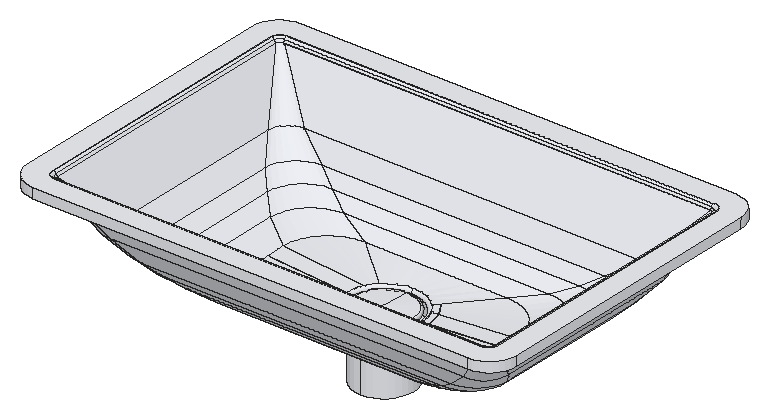
Revit family "URBANE II UNDER COUNTER BASIN NTH NOF", category Specialty Equipment, host Face, Revit 2019
Family settings
  Host = Face
  Round Connector Dimension = Use Radius
  Part Type = Normal
  OmniClass Number = 23.45.05.14.14
  OmniClass Title = Sinks/Lavatories
  Cut with Voids When Loaded = Yes
  Shared = No
  Room Calculation Point = No
Parameters (values of type "URBANE II UNDER COUNTER BASIN NTH NOF")
  URL = "https://www.caroma.com.au/"
  Model = "878500W"
  Material_Base = GWA-Porcelain-White
  Manufacturer = "GWA Bathrooms & Kitchens"  # constant formula
  Description = "URBANE II UNDER COUNTER BASIN NTH NOF"
  Default Elevation = 900 mm
  CreatedBy_ANZRS = "GWA Bathrooms & Kitchens"  # constant formula
  BenchThickness = 20 mm
  Assembly Code = "D2010400"
Reference planes
  plane 1 "Center (Front/Back)": y = 0
  plane 2: z = 0
  plane 3 "Center (Left/Right)": x = 0
  plane 4 "BenchThickness": z = -20
  plane 5 "topfillet": z = -24.185
Forms (mm)
  Sweep 1, solid, material "GWA-Porcelain-White" <- "Material_Base"
    path origin (0, 0, -20) x (-1, 0, 0) y (0, -1, 0)
      loop
        arc (-235.924, 164.865) -> (-245.823, 160.765) -> (-249.924, 150.865) r 14
        line (-249.924, 150.865) -> (-249.924, -150.867)
        arc (-249.924, -150.867) -> (-245.823, -160.766) -> (-235.924, -164.867) r 14
        line (-235.924, -164.867) -> (235.926, -164.867)
        arc (235.926, -164.867) -> (245.825, -160.766) -> (249.926, -150.867) r 14
        line (249.926, -150.867) -> (249.926, 150.865)
        arc (249.926, 150.865) -> (245.825, 160.765) -> (235.926, 164.865) r 14
        line (235.926, 164.865) -> (-235.924, 164.865)
    profile origin (-0.001, -164.865, -20) x (0, -1, 0) y (0, 0, 1)
      loop
        line (-3.989, -4.185) -> (-3.989, 0)
        arc (-3.989, 0) -> (-5.997, -0.532) -> (-7.476, -1.99) r 4.05
        line (-7.476, -1.99) -> (-8.773, -4.185) -> (-3.989, -4.185)
  Revolve 2, solid, material "GWA-Porcelain-White" <- "Material_Base"
    sketch origin (0, 0, -86.586) x (0, 1, 0) y (0, 0, 1)
      loop
        line (37.793, -52.029) -> (37, -65.514) -> (22, -80.514) -> (22, -120.514) -> (32.5, -120.514) -> (32.5, -84.863) -> (47.247, -70.116) -> (48.533, -48.264) -> (41.786, -48.264)
        arc (41.786, -48.264) -> (39.042, -49.354) -> (37.793, -52.029) r 4
      axis (0, -48.264) -> (0, -120.514)
    angle from 0 to 360
  Revolve 3, solid, material "GWA-Porcelain-White" <- "Material_Base"
    sketch origin (0, 0, -86.586) x (0, 1, 0) y (0, 0, 1)
      loop
        arc (31.747, -48.198) -> (15.896, -46.935) -> (0, -46.514) r 300
        line (0, -46.514) -> (0, -53.014) -> (20, -53.014) -> (21, -56.514) -> (28, -56.514) -> (28.079, -55.014) -> (32.581, -52.724)
        arc (32.581, -52.724) -> (33.854, -50.15) -> (31.747, -48.198) r 2.4
      axis (0, -46.514) -> (0, -56.514)
    angle from 0 to 360
  Blend 4, solid, material "GWA-Porcelain-White" <- "Material_Base"
    base sketch origin (0, 0, -20) x (-1, 0, 0) y (0, -1, 0)
      loop
        line (-171.042, -121.986) -> (171.042, -121.986)
        arc (171.042, -121.986) -> (195.791, -111.735) -> (206.042, -86.986) r 35
        line (206.042, -86.986) -> (206.042, 0) -> (191.733, 0) -> (191.733, -74.221)
        arc (191.733, -74.221) -> (181.481, -98.97) -> (156.733, -109.221) r 35
        line (156.733, -109.221) -> (-156.733, -109.221)
        arc (-156.733, -109.221) -> (-181.481, -98.97) -> (-191.733, -74.221) r 35
        line (-191.733, -74.221) -> (-191.733, 0) -> (-206.042, 0) -> (-206.042, -86.986)
        arc (-206.042, -86.986) -> (-195.791, -111.735) -> (-171.042, -121.986) r 35
    top sketch origin (0, 0, -20) x (-1, 0, 0) y (0, -1, 0)
      loop
        line (-194.713, -133.789) -> (194.713, -133.789)
        arc (194.713, -133.789) -> (214.158, -125.734) -> (222.213, -106.289) r 27.5
        line (222.213, -106.289) -> (222.213, 0) -> (209.227, 0) -> (209.227, -99.92)
        arc (209.227, -99.92) -> (202.637, -115.83) -> (186.727, -122.42) r 22.5
        line (186.727, -122.42) -> (-186.727, -122.42)
        arc (-186.727, -122.42) -> (-202.637, -115.83) -> (-209.227, -99.92) r 22.5
        line (-209.227, -99.92) -> (-209.227, 0) -> (-222.213, 0) -> (-222.213, -106.289)
        arc (-222.213, -106.289) -> (-214.158, -125.734) -> (-194.713, -133.789) r 27.5
    from -77.1 to -57.1
  Blend 5, solid, material "GWA-Porcelain-White" <- "Material_Base"
    base sketch origin (0, 0, -20) x (-1, 0, 0) y (0, -1, 0)
      loop
        line (-153.737, -113.107) -> (153.737, -113.107)
        arc (153.737, -113.107) -> (182.021, -101.391) -> (193.737, -73.107) r 40
        line (193.737, -73.107) -> (193.737, 0) -> (176.923, 0) -> (176.923, -58.758)
        arc (176.923, -58.758) -> (165.208, -87.042) -> (136.923, -98.758) r 40
        line (136.923, -98.758) -> (-136.923, -98.758)
        arc (-136.923, -98.758) -> (-165.208, -87.042) -> (-176.923, -58.758) r 40
        line (-176.923, -58.758) -> (-176.923, 0) -> (-193.737, 0) -> (-193.737, -73.107)
        arc (-193.737, -73.107) -> (-182.021, -101.391) -> (-153.737, -113.107) r 40
    top sketch origin (0, 0, -20) x (-1, 0, 0) y (0, -1, 0)
      loop
        line (-171.042, -121.986) -> (171.042, -121.986)
        arc (171.042, -121.986) -> (195.791, -111.735) -> (206.042, -86.986) r 35
        line (206.042, -86.986) -> (206.042, 0) -> (191.733, 0) -> (191.733, -74.221)
        arc (191.733, -74.221) -> (181.481, -98.97) -> (156.733, -109.221) r 35
        line (156.733, -109.221) -> (-156.733, -109.221)
        arc (-156.733, -109.221) -> (-181.481, -98.97) -> (-191.733, -74.221) r 35
        line (-191.733, -74.221) -> (-191.733, 0) -> (-206.042, 0) -> (-206.042, -86.986)
        arc (-206.042, -86.986) -> (-195.791, -111.735) -> (-171.042, -121.986) r 35
    from -89.1 to -77.1
  Blend 6, solid, material "GWA-Porcelain-White" <- "Material_Base"
    base sketch origin (0, 0, -20) x (-1, 0, 0) y (0, -1, 0)
      loop
        line (-135.569, -102.784) -> (135.569, -102.784)
        arc (135.569, -102.784) -> (167.389, -89.603) -> (180.569, -57.784) r 45
        line (180.569, -57.784) -> (180.569, 0) -> (158.132, 0) -> (158.132, -40.154)
        arc (158.132, -40.154) -> (144.952, -71.974) -> (113.132, -85.154) r 45
        line (113.132, -85.154) -> (-113.132, -85.154)
        arc (-113.132, -85.154) -> (-144.952, -71.974) -> (-158.132, -40.154) r 45
        line (-158.132, -40.154) -> (-158.132, 0) -> (-180.569, 0) -> (-180.569, -57.784)
        arc (-180.569, -57.784) -> (-167.389, -89.603) -> (-135.569, -102.784) r 45
    top sketch origin (0, 0, -20) x (-1, 0, 0) y (0, -1, 0)
      loop
        line (-153.737, -113.107) -> (153.737, -113.107)
        arc (153.737, -113.107) -> (182.021, -101.391) -> (193.737, -73.107) r 40
        line (193.737, -73.107) -> (193.737, 0) -> (176.923, 0) -> (176.923, -58.758)
        arc (176.923, -58.758) -> (165.208, -87.042) -> (136.923, -98.758) r 40
        line (136.923, -98.758) -> (-136.923, -98.758)
        arc (-136.923, -98.758) -> (-165.208, -87.042) -> (-176.923, -58.758) r 40
        line (-176.923, -58.758) -> (-176.923, 0) -> (-193.737, 0) -> (-193.737, -73.107)
        arc (-193.737, -73.107) -> (-182.021, -101.391) -> (-153.737, -113.107) r 40
    from -99.1 to -89.1
  Blend 7, solid, material "GWA-Porcelain-White" <- "Material_Base"
    base sketch origin (0, 0, -20) x (-1, 0, 0) y (0, -1, 0)
      loop
        line (-110.867, -91.893) -> (110.867, -91.893)
        arc (110.867, -91.893) -> (146.222, -77.249) -> (160.867, -41.893) r 50
        line (160.867, -41.893) -> (160.867, 0) -> (128.838, 0) -> (128.838, -21.183)
        arc (128.838, -21.183) -> (114.193, -56.539) -> (78.838, -71.183) r 50
        line (78.838, -71.183) -> (-78.838, -71.183)
        arc (-78.838, -71.183) -> (-114.193, -56.539) -> (-128.838, -21.183) r 50
        line (-128.838, -21.183) -> (-128.838, 0) -> (-160.867, 0) -> (-160.867, -41.893)
        arc (-160.867, -41.893) -> (-146.222, -77.249) -> (-110.867, -91.893) r 50
    top sketch origin (0, 0, -20) x (-1, 0, 0) y (0, -1, 0)
      loop
        line (-135.569, -102.784) -> (135.569, -102.784)
        arc (135.569, -102.784) -> (167.389, -89.603) -> (180.569, -57.784) r 45
        line (180.569, -57.784) -> (180.569, 0) -> (158.132, 0) -> (158.132, -40.154)
        arc (158.132, -40.154) -> (144.952, -71.974) -> (113.132, -85.154) r 45
        line (113.132, -85.154) -> (-113.132, -85.154)
        arc (-113.132, -85.154) -> (-144.952, -71.974) -> (-158.132, -40.154) r 45
        line (-158.132, -40.154) -> (-158.132, 0) -> (-180.569, 0) -> (-180.569, -57.784)
        arc (-180.569, -57.784) -> (-167.389, -89.603) -> (-135.569, -102.784) r 45
    from -109.1 to -99.1
  Blend 8, solid, material "GWA-Porcelain-White" <- "Material_Base"
    base sketch origin (0, 0, -20) x (-1, 0, 0) y (0, -1, 0)
      loop
        arc (209.227, -99.92) -> (202.637, -115.83) -> (186.727, -122.42) r 22.5
        line (186.727, -122.42) -> (-186.727, -122.42)
        arc (-186.727, -122.42) -> (-202.637, -115.83) -> (-209.227, -99.92) r 22.5
        line (-209.227, -99.92) -> (-209.227, 0) -> (-222.213, 0) -> (-222.213, -106.289)
        arc (-222.213, -106.289) -> (-214.158, -125.734) -> (-194.713, -133.789) r 27.5
        line (-194.713, -133.789) -> (194.713, -133.789)
        arc (194.713, -133.789) -> (214.158, -125.734) -> (222.213, -106.289) r 27.5
        line (222.213, -106.289) -> (222.213, 0) -> (209.227, 0) -> (209.227, -99.92)
    top sketch origin (0, 0, -20) x (-1, 0, 0) y (0, -1, 0)
      loop
        line (244.982, -150.867) -> (244.982, 0) -> (241.153, 0) -> (241.153, -150.867)
        arc (241.153, -150.867) -> (239.622, -154.563) -> (235.926, -156.094) r 5.227
        line (235.926, -156.094) -> (-235.924, -156.094)
        arc (-235.924, -156.094) -> (-239.62, -154.563) -> (-241.151, -150.867) r 5.227
        line (-241.151, -150.867) -> (-241.151, 0) -> (-244.98, 0) -> (-244.98, -150.867)
        arc (-244.98, -150.867) -> (-242.327, -157.27) -> (-235.924, -159.922) r 9.056
        line (-235.924, -159.922) -> (235.926, -159.922)
        arc (235.926, -159.922) -> (242.329, -157.27) -> (244.982, -150.867) r 9.056
    from -57.1 to -4.218
  Blend 9, solid, material "GWA-Porcelain-White" <- "Material_Base"
    base sketch origin (0, 0, -20) x (-1, 0, 0) y (0, -1, 0)
      loop
        line (-41.5, 0) -> (-48.5, 0)
        arc (-48.5, 0) -> (-47.267, -10.868) -> (-43.629, -21.183) r 48.5
        arc (-43.629, -21.183) -> (-39.51, -28.129) -> (-34.295, -34.295) r 48.5
        arc (-34.295, -34.295) -> (0, -48.5) -> (34.295, -34.295) r 48.5
        arc (34.295, -34.295) -> (39.51, -28.129) -> (43.629, -21.183) r 48.5
        arc (43.629, -21.183) -> (47.267, -10.868) -> (48.5, 0) r 48.5
        line (48.5, 0) -> (41.5, 0)
        arc (41.5, 0) -> (40.445, -9.299) -> (37.332, -18.126) r 41.5
        arc (37.332, -18.126) -> (33.807, -24.069) -> (29.345, -29.345) r 41.5
        arc (29.345, -29.345) -> (0, -41.5) -> (-29.345, -29.345) r 41.5
        arc (-29.345, -29.345) -> (-33.807, -24.069) -> (-37.332, -18.126) r 41.5
        arc (-37.332, -18.126) -> (-40.445, -9.299) -> (-41.5, 0) r 41.5
    top sketch origin (0, 0, -20) x (-1, 0, 0) y (0, -1, 0)
      loop
        line (-128.838, -21.183) -> (-128.838, 0) -> (-160.867, 0) -> (-160.867, -41.893)
        arc (-160.867, -41.893) -> (-146.222, -77.249) -> (-110.867, -91.893) r 50
        line (-110.867, -91.893) -> (110.867, -91.893)
        arc (110.867, -91.893) -> (146.222, -77.249) -> (160.867, -41.893) r 50
        line (160.867, -41.893) -> (160.867, 0) -> (128.838, 0) -> (128.838, -21.183)
        arc (128.838, -21.183) -> (114.193, -56.539) -> (78.838, -71.183) r 50
        line (78.838, -71.183) -> (-78.838, -71.183)
        arc (-78.838, -71.183) -> (-114.193, -56.539) -> (-128.838, -21.183) r 50
    from -114.85 to -109.1
  Blend 10, solid, material "GWA-Porcelain-White" <- "Material_Base"
    base sketch origin (0, 0, -20) x (-1, 0, 0) y (0, -1, 0)
      loop
        arc (-153.737, 113.107) -> (-182.021, 101.391) -> (-193.737, 73.107) r 40
        line (-193.737, 73.107) -> (-193.737, 0) -> (-176.923, 0) -> (-176.923, 58.758)
        arc (-176.923, 58.758) -> (-165.208, 87.042) -> (-136.923, 98.758) r 40
        line (-136.923, 98.758) -> (136.923, 98.758)
        arc (136.923, 98.758) -> (165.208, 87.042) -> (176.923, 58.758) r 40
        line (176.923, 58.758) -> (176.923, 0) -> (193.737, 0) -> (193.737, 73.107)
        arc (193.737, 73.107) -> (182.021, 101.391) -> (153.737, 113.107) r 40
        line (153.737, 113.107) -> (-153.737, 113.107)
    top sketch origin (0, 0, -20) x (-1, 0, 0) y (0, -1, 0)
      loop
        arc (-171.042, 121.986) -> (-195.791, 111.735) -> (-206.042, 86.986) r 35
        line (-206.042, 86.986) -> (-206.042, 0) -> (-191.733, 0) -> (-191.733, 74.221)
        arc (-191.733, 74.221) -> (-181.481, 98.97) -> (-156.733, 109.221) r 35
        line (-156.733, 109.221) -> (156.733, 109.221)
        arc (156.733, 109.221) -> (181.481, 98.97) -> (191.733, 74.221) r 35
        line (191.733, 74.221) -> (191.733, 0) -> (206.042, 0) -> (206.042, 86.986)
        arc (206.042, 86.986) -> (195.791, 111.735) -> (171.042, 121.986) r 35
        line (171.042, 121.986) -> (-171.042, 121.986)
    from -89.1 to -77.1
  Blend 11, solid, material "GWA-Porcelain-White" <- "Material_Base"
    base sketch origin (0, 0, -20) x (-1, 0, 0) y (0, -1, 0)
      loop
        arc (-110.867, 91.893) -> (-146.222, 77.249) -> (-160.867, 41.893) r 50
        line (-160.867, 41.893) -> (-160.867, 0) -> (-128.838, 0) -> (-128.838, 21.183)
        arc (-128.838, 21.183) -> (-114.193, 56.539) -> (-78.838, 71.183) r 50
        line (-78.838, 71.183) -> (78.838, 71.183)
        arc (78.838, 71.183) -> (114.193, 56.539) -> (128.838, 21.183) r 50
        line (128.838, 21.183) -> (128.838, 0) -> (160.867, 0) -> (160.867, 41.893)
        arc (160.867, 41.893) -> (146.222, 77.249) -> (110.867, 91.893) r 50
        line (110.867, 91.893) -> (-110.867, 91.893)
    top sketch origin (0, 0, -20) x (-1, 0, 0) y (0, -1, 0)
      loop
        arc (-135.569, 102.784) -> (-167.389, 89.603) -> (-180.569, 57.784) r 45
        line (-180.569, 57.784) -> (-180.569, 0) -> (-158.132, 0) -> (-158.132, 40.154)
        arc (-158.132, 40.154) -> (-144.952, 71.974) -> (-113.132, 85.154) r 45
        line (-113.132, 85.154) -> (113.132, 85.154)
        arc (113.132, 85.154) -> (144.952, 71.974) -> (158.132, 40.154) r 45
        line (158.132, 40.154) -> (158.132, 0) -> (180.569, 0) -> (180.569, 57.784)
        arc (180.569, 57.784) -> (167.389, 89.603) -> (135.569, 102.784) r 45
        line (135.569, 102.784) -> (-135.569, 102.784)
    from -109.1 to -99.1
  Blend 12, solid, material "GWA-Porcelain-White" <- "Material_Base"
    base sketch origin (0, 0, -20) x (-1, 0, 0) y (0, -1, 0)
      loop
        line (209.227, 99.92) -> (209.227, 0) -> (222.213, 0) -> (222.213, 106.289)
        arc (222.213, 106.289) -> (214.158, 125.734) -> (194.713, 133.789) r 27.5
        line (194.713, 133.789) -> (-194.713, 133.789)
        arc (-194.713, 133.789) -> (-214.158, 125.734) -> (-222.213, 106.289) r 27.5
        line (-222.213, 106.289) -> (-222.213, 0) -> (-209.227, 0) -> (-209.227, 99.92)
        arc (-209.227, 99.92) -> (-202.637, 115.83) -> (-186.727, 122.42) r 22.5
        line (-186.727, 122.42) -> (186.727, 122.42)
        arc (186.727, 122.42) -> (202.637, 115.83) -> (209.227, 99.92) r 22.5
    top sketch origin (0, 0, -20) x (-1, 0, 0) y (0, -1, 0)
      loop
        arc (244.982, 150.867) -> (242.329, 157.27) -> (235.926, 159.922) r 9.056
        line (235.926, 159.922) -> (-235.924, 159.922)
        arc (-235.924, 159.922) -> (-242.327, 157.27) -> (-244.98, 150.867) r 9.056
        line (-244.98, 150.867) -> (-244.98, 0) -> (-241.151, 0) -> (-241.151, 150.867)
        arc (-241.151, 150.867) -> (-239.62, 154.563) -> (-235.924, 156.094) r 5.227
        line (-235.924, 156.094) -> (235.926, 156.094)
        arc (235.926, 156.094) -> (239.622, 154.563) -> (241.153, 150.867) r 5.227
        line (241.153, 150.867) -> (241.153, 0) -> (244.982, 0) -> (244.982, 150.867)
    from -57.1 to -4.2
  Blend 13, solid, material "GWA-Porcelain-White" <- "Material_Base"
    base sketch origin (0, 0, -20) x (-1, 0, 0) y (0, -1, 0)
      loop
        arc (-171.042, 121.986) -> (-195.791, 111.735) -> (-206.042, 86.986) r 35
        line (-206.042, 86.986) -> (-206.042, 0) -> (-191.733, 0) -> (-191.733, 74.221)
        arc (-191.733, 74.221) -> (-181.481, 98.97) -> (-156.733, 109.221) r 35
        line (-156.733, 109.221) -> (156.733, 109.221)
        arc (156.733, 109.221) -> (181.481, 98.97) -> (191.733, 74.221) r 35
        line (191.733, 74.221) -> (191.733, 0) -> (206.042, 0) -> (206.042, 86.986)
        arc (206.042, 86.986) -> (195.791, 111.735) -> (171.042, 121.986) r 35
        line (171.042, 121.986) -> (-171.042, 121.986)
    top sketch origin (0, 0, -20) x (-1, 0, 0) y (0, -1, 0)
      loop
        arc (-194.713, 133.789) -> (-214.158, 125.734) -> (-222.213, 106.289) r 27.5
        line (-222.213, 106.289) -> (-222.213, 0) -> (-209.227, 0) -> (-209.227, 99.92)
        arc (-209.227, 99.92) -> (-202.637, 115.83) -> (-186.727, 122.42) r 22.5
        line (-186.727, 122.42) -> (186.727, 122.42)
        arc (186.727, 122.42) -> (202.637, 115.83) -> (209.227, 99.92) r 22.5
        line (209.227, 99.92) -> (209.227, 0) -> (222.213, 0) -> (222.213, 106.289)
        arc (222.213, 106.289) -> (214.158, 125.734) -> (194.713, 133.789) r 27.5
        line (194.713, 133.789) -> (-194.713, 133.789)
    from -77.1 to -57.1
  Blend 14, solid, material "GWA-Porcelain-White" <- "Material_Base"
    base sketch origin (0, 0, -20) x (-1, 0, 0) y (0, -1, 0)
      loop
        arc (-135.569, 102.784) -> (-167.389, 89.603) -> (-180.569, 57.784) r 45
        line (-180.569, 57.784) -> (-180.569, 0) -> (-158.132, 0) -> (-158.132, 40.154)
        arc (-158.132, 40.154) -> (-144.952, 71.974) -> (-113.132, 85.154) r 45
        line (-113.132, 85.154) -> (113.132, 85.154)
        arc (113.132, 85.154) -> (144.952, 71.974) -> (158.132, 40.154) r 45
        line (158.132, 40.154) -> (158.132, 0) -> (180.569, 0) -> (180.569, 57.784)
        arc (180.569, 57.784) -> (167.389, 89.603) -> (135.569, 102.784) r 45
        line (135.569, 102.784) -> (-135.569, 102.784)
    top sketch origin (0, 0, -20) x (-1, 0, 0) y (0, -1, 0)
      loop
        arc (-153.737, 113.107) -> (-182.021, 101.391) -> (-193.737, 73.107) r 40
        line (-193.737, 73.107) -> (-193.737, 0) -> (-176.923, 0) -> (-176.923, 58.758)
        arc (-176.923, 58.758) -> (-165.208, 87.042) -> (-136.923, 98.758) r 40
        line (-136.923, 98.758) -> (136.923, 98.758)
        arc (136.923, 98.758) -> (165.208, 87.042) -> (176.923, 58.758) r 40
        line (176.923, 58.758) -> (176.923, 0) -> (193.737, 0) -> (193.737, 73.107)
        arc (193.737, 73.107) -> (182.021, 101.391) -> (153.737, 113.107) r 40
        line (153.737, 113.107) -> (-153.737, 113.107)
    from -99.1 to -89.1
  Extrusion 15, solid, material "GWA-Porcelain-White" <- "Material_Base"
    sketch origin (0, 0, -20) x (-1, 0, 0) y (0, -1, 0)
      loop
        arc (240, -185) -> (261.213, -176.213) -> (270, -155) r 30
        line (270, -155) -> (270, 155)
        arc (270, 155) -> (261.213, 176.213) -> (240, 185) r 30
        line (240, 185) -> (-240, 185)
        arc (-240, 185) -> (-261.213, 176.213) -> (-270, 155) r 30
        line (-270, 155) -> (-270, -155)
        arc (-270, -155) -> (-261.213, -176.213) -> (-240, -185) r 30
        line (-240, -185) -> (240, -185)
      loop
        line (-235.924, -160.877) -> (235.926, -160.877)
        arc (235.926, -160.877) -> (243.005, -157.945) -> (245.937, -150.867) r 10.011
        line (245.937, -150.867) -> (245.937, 150.865)
        arc (245.937, 150.865) -> (243.005, 157.944) -> (235.926, 160.876) r 10.011
        line (235.926, 160.876) -> (-235.924, 160.876)
        arc (-235.924, 160.876) -> (-243.003, 157.944) -> (-245.935, 150.865) r 10.011
        line (-245.935, 150.865) -> (-245.935, -150.867)
        arc (-245.935, -150.867) -> (-243.003, -157.945) -> (-235.924, -160.877) r 10.011
    from -10.5 to 0
  Blend 16, solid, material "GWA-Porcelain-White" <- "Material_Base"
    base sketch origin (0, 0, -20) x (-1, 0, 0) y (0, -1, 0)
      loop
        arc (-41.5, 0) -> (-40.445, 9.299) -> (-37.332, 18.126) r 41.5
        arc (-37.332, 18.126) -> (-33.807, 24.069) -> (-29.345, 29.345) r 41.5
        arc (-29.345, 29.345) -> (0, 41.5) -> (29.345, 29.345) r 41.5
        arc (29.345, 29.345) -> (33.807, 24.069) -> (37.332, 18.126) r 41.5
        arc (37.332, 18.126) -> (40.445, 9.299) -> (41.5, 0) r 41.5
        line (41.5, 0) -> (48.5, 0)
        arc (48.5, 0) -> (47.267, 10.868) -> (43.629, 21.183) r 48.5
        arc (43.629, 21.183) -> (39.51, 28.129) -> (34.295, 34.295) r 48.5
        arc (34.295, 34.295) -> (0, 48.5) -> (-34.295, 34.295) r 48.5
        arc (-34.295, 34.295) -> (-39.51, 28.129) -> (-43.629, 21.183) r 48.5
        arc (-43.629, 21.183) -> (-47.267, 10.868) -> (-48.5, 0) r 48.5
        line (-48.5, 0) -> (-41.5, 0)
    top sketch origin (0, 0, -20) x (-1, 0, 0) y (0, -1, 0)
      loop
        arc (-128.838, 21.183) -> (-114.193, 56.539) -> (-78.838, 71.183) r 50
        line (-78.838, 71.183) -> (78.838, 71.183)
        arc (78.838, 71.183) -> (114.193, 56.539) -> (128.838, 21.183) r 50
        line (128.838, 21.183) -> (128.838, 0) -> (160.867, 0) -> (160.867, 41.893)
        arc (160.867, 41.893) -> (146.222, 77.249) -> (110.867, 91.893) r 50
        line (110.867, 91.893) -> (-110.867, 91.893)
        arc (-110.867, 91.893) -> (-146.222, 77.249) -> (-160.867, 41.893) r 50
        line (-160.867, 41.893) -> (-160.867, 0) -> (-128.838, 0) -> (-128.838, 21.183)
    from -114.85 to -109.1
  Extrusion 17, void
    sketch origin (0, 0, -20) x (-1, 0, 0) y (0, -1, 0)
      loop
        arc (235.937, -160.877) -> (243.008, -157.948) -> (245.937, -150.877) r 10
        line (245.937, -150.877) -> (245.937, 150.876)
        arc (245.937, 150.876) -> (243.008, 157.947) -> (235.937, 160.876) r 10
        line (235.937, 160.876) -> (-235.935, 160.876)
        arc (-235.935, 160.876) -> (-243.006, 157.947) -> (-245.935, 150.876) r 10
        line (-245.935, 150.876) -> (-245.935, -150.877)
        arc (-245.935, -150.877) -> (-243.006, -157.948) -> (-235.935, -160.877) r 10
        line (-235.935, -160.877) -> (235.937, -160.877)
    from -175 to 30
Cuts and joins
  joined: Blend 4, Blend 5, Blend 6, Blend 7, Blend 8, Blend 9, Blend 10, Blend 11, Blend 12, Blend 13, Blend 14
Lines and regions (mm)
  Masking region 1
    outline origin (0, 0, 0) x (1, 0, 0) y (0, 1, 0)
      loop
        line (-241.926, 150.867) -> (-241.926, -150.865)
        arc (-241.926, -150.865) -> (-240.169, -155.108) -> (-235.926, -156.865) r 6
        line (-235.926, -156.865) -> (235.926, -156.865)
        arc (235.926, -156.865) -> (240.169, -155.108) -> (241.926, -150.865) r 6
        line (241.926, -150.865) -> (241.926, 150.867)
        arc (241.926, 150.867) -> (240.169, 155.109) -> (235.926, 156.867) r 6
        line (235.926, 156.867) -> (-235.926, 156.867)
        arc (-235.926, 156.867) -> (-240.169, 155.109) -> (-241.926, 150.867) r 6
  symbolic lines
    curve 1: line (235.926, -156.865, 0) -> (-235.926, -156.865, 0)
    curve 2: arc (-235.926, -156.865, 0) -> (-240.169, -155.108, 0) -> (-241.926, -150.865, 0) r 6
    curve 3: line (-241.926, -150.865, 0) -> (-241.926, 150.867, 0)
    curve 4: arc (-241.926, 150.867, 0) -> (-240.169, 155.109, 0) -> (-235.926, 156.867, 0) r 6
    curve 5: line (-235.926, 156.867, 0) -> (235.926, 156.867, 0)
    curve 6: arc (235.926, -156.865, 0) -> (240.169, -155.108, 0) -> (241.926, -150.865, 0) r 6
    curve 7: line (241.926, -150.865, 0) -> (241.926, 150.867, 0)
    curve 8: arc (241.926, 150.867, 0) -> (240.169, 155.109, 0) -> (235.926, 156.867, 0) r 6
    curve 9: circle (0, 0, 0) r 34 normal (0, 0, 1)
Dimensions and locks
  "BenchThickness": plane 4 "BenchThickness" to plane 2
  plane 4 "BenchThickness" to plane 5 "topfillet" = 4.185 mm
  aligned and locked: plane 2 to host face
  aligned and locked: level to host face
Automatic sketch dimensions
  plane 1 "Center (Front/Back)" to curve 9 = 0 mm
  curve 9 to plane 3 "Center (Left/Right)" = 0 mm
  curve 4 to plane 1 "Center (Front/Back)" = 150.867 mm
  curve 4 to plane 3 "Center (Left/Right)" = 235.926 mm
  plane 3 "Center (Left/Right)" to curve 1 = 235.926 mm
  Revolve 2 sketch curve to plane 1 "Center (Front/Back)" = 0 mm
  Revolve 2 sketch curve to plane 1 "Center (Front/Back)" = 22 mm
  Revolve 2 sketch curve to Revolve 2 sketch curve = 10.5 mm
  Revolve 2 sketch curve to Revolve 2 sketch curve = 4.5 mm
  Revolve 2 sketch curve to Revolve 2 sketch curve = 0.793 mm
  Revolve 2 sketch curve to Revolve 2 sketch curve = 3.993 mm
  Revolve 2 sketch curve to Revolve 2 sketch curve = 10.247 mm
  Revolve 2 sketch curve to Revolve 2 sketch curve = 6.747 mm
  Revolve 2 sketch curve to plane 4 "BenchThickness" = 187.1 mm
  Revolve 2 sketch curve to Revolve 2 sketch curve = 35.651 mm
  Revolve 2 sketch curve to Revolve 2 sketch curve = 4.349 mm
  Revolve 2 sketch curve to Revolve 2 sketch curve = 14.747 mm
  Revolve 2 sketch curve to Revolve 2 sketch curve = 4.602 mm
  Revolve 2 sketch curve to Revolve 2 sketch curve = 13.25 mm
  Revolve 2 sketch curve to Revolve 2 sketch curve = 0.235 mm
  Revolve 2 sketch curve to Revolve 2 sketch curve = 5.625 mm
  Revolve 2 sketch curve to Revolve 2 sketch curve = 17.875 mm
  Revolve 3 sketch curve to plane 1 "Center (Front/Back)" = 0 mm  (x2)
  Revolve 3 sketch curve to Revolve 3 sketch curve = 20 mm
  Revolve 3 sketch curve to Revolve 3 sketch curve = 1 mm
  Revolve 3 sketch curve to Revolve 3 sketch curve = 7 mm
  Revolve 3 sketch curve to Revolve 3 sketch curve = 0.079 mm
  Revolve 3 sketch curve to Revolve 3 sketch curve = 3.415 mm
  Revolve 3 sketch curve to Revolve 3 sketch curve = 1.088 mm
  Revolve 3 sketch curve to plane 4 "BenchThickness" = 413.1 mm
  Revolve 3 sketch curve to plane 4 "BenchThickness" = 123.1 mm
  Revolve 3 sketch curve to Revolve 3 sketch curve = 1.5 mm
  Revolve 3 sketch curve to Revolve 3 sketch curve = 3.5 mm  (x2)
  Revolve 3 sketch curve to Revolve 3 sketch curve = 2.29 mm
  Revolve 3 sketch curve to Revolve 3 sketch curve = 2.139 mm
  Revolve 3 sketch curve to Revolve 3 sketch curve = 6.5 mm
  Revolve 3 sketch curve to Revolve 3 sketch curve = 17.066 mm
  host sketch curve to host sketch curve = 2438.4 mm  (x2)
  curve 5 to curve 8 = 6 mm
  plane 3 "Center (Left/Right)" to curve 5 = 235.926 mm
  plane 1 "Center (Front/Back)" to curve 6 = 150.865 mm
  curve 3 to curve 4 = 6 mm
  curve 2 to curve 1 = 6 mm
  Masking region 1 sketch curve to plane 3 "Center (Left/Right)" = 241.926 mm
  Masking region 1 sketch curve to Masking region 1 sketch curve = 6 mm  (x3)
  plane 1 "Center (Front/Back)" to Masking region 1 sketch curve = 150.865 mm
  plane 3 "Center (Left/Right)" to Masking region 1 sketch curve = 235.926 mm  (x2)
  Masking region 1 sketch curve to plane 1 "Center (Front/Back)" = 150.867 mm
  plane 3 "Center (Left/Right)" to Extrusion 15 sketch curve = 270 mm
  Extrusion 15 sketch curve to Extrusion 15 sketch curve = 24.065 mm
  Extrusion 15 sketch curve to Extrusion 15 sketch curve = 5.935 mm  (x2)
  Extrusion 15 sketch curve to Extrusion 15 sketch curve = 4.076 mm  (x2)
  Extrusion 15 sketch curve to plane 3 "Center (Left/Right)" = 235.926 mm  (x2)
  Extrusion 15 sketch curve to Extrusion 15 sketch curve = 4.074 mm  (x2)
  Extrusion 15 sketch curve to Extrusion 15 sketch curve = 5.937 mm
  Extrusion 15 sketch curve to Extrusion 15 sketch curve = 24.063 mm
  Extrusion 15 sketch curve to plane 1 "Center (Front/Back)" = 185 mm
  Extrusion 15 sketch curve to Extrusion 15 sketch curve = 5.877 mm
  plane 1 "Center (Front/Back)" to Extrusion 15 sketch curve = 150.865 mm
  Extrusion 15 sketch curve to Extrusion 15 sketch curve = 4.135 mm
  plane 1 "Center (Front/Back)" to Blend 12 sketch curve = 0 mm  (x4)
  plane 3 "Center (Left/Right)" to Blend 12 sketch curve = 222.213 mm
  Blend 12 sketch curve to Blend 12 sketch curve = 12.986 mm  (x2)
  Blend 12 sketch curve to Blend 12 sketch curve = 14.514 mm
  Blend 12 sketch curve to Blend 12 sketch curve = 7.986 mm  (x2)
  plane 1 "Center (Front/Back)" to Blend 12 sketch curve = 99.92 mm
  Blend 12 sketch curve to plane 3 "Center (Left/Right)" = 186.727 mm
  Blend 12 sketch curve to Blend 12 sketch curve = 22.5 mm
  Blend 12 sketch curve to Blend 12 sketch curve = 6.369 mm
  Blend 12 sketch curve to Blend 12 sketch curve = 0 mm  (x4)
  plane 3 "Center (Left/Right)" to Blend 12 sketch curve = 244.98 mm
  Blend 12 sketch curve to Blend 12 sketch curve = 3.829 mm
  Blend 12 sketch curve to Blend 12 sketch curve = 5.227 mm  (x2)
  Blend 12 sketch curve to plane 3 "Center (Left/Right)" = 235.926 mm
  Blend 12 sketch curve to Blend 12 sketch curve = 150.867 mm
  Blend 8 sketch curve to plane 1 "Center (Front/Back)" = 0 mm  (x3)
  plane 3 "Center (Left/Right)" to Blend 8 sketch curve = 222.213 mm
  Blend 8 sketch curve to Blend 8 sketch curve = 12.986 mm  (x2)
  Blend 8 sketch curve to Blend 8 sketch curve = 14.514 mm
  Blend 8 sketch curve to Blend 8 sketch curve = 7.986 mm  (x2)
  Blend 8 sketch curve to plane 1 "Center (Front/Back)" = 99.92 mm
  Blend 8 sketch curve to plane 3 "Center (Left/Right)" = 186.727 mm
  Blend 8 sketch curve to Blend 8 sketch curve = 22.5 mm
  Blend 8 sketch curve to Blend 8 sketch curve = 11.369 mm
  Blend 8 sketch curve to Blend 8 sketch curve = 0 mm  (x4)
  plane 1 "Center (Front/Back)" to Blend 8 sketch curve = 0 mm
  plane 3 "Center (Left/Right)" to Blend 8 sketch curve = 244.98 mm
  Blend 8 sketch curve to Blend 8 sketch curve = 3.829 mm
  Blend 8 sketch curve to Blend 8 sketch curve = 5.227 mm  (x2)
  Blend 8 sketch curve to plane 3 "Center (Left/Right)" = 235.926 mm
  Blend 8 sketch curve to Blend 8 sketch curve = 150.867 mm
  plane 1 "Center (Front/Back)" to Blend 10 sketch curve = 0 mm  (x4)
  plane 3 "Center (Left/Right)" to Blend 10 sketch curve = 193.737 mm
  Blend 10 sketch curve to Blend 10 sketch curve = 16.813 mm  (x4)
  Blend 10 sketch curve to Blend 10 sketch curve = 23.187 mm  (x2)
  Blend 10 sketch curve to plane 3 "Center (Left/Right)" = 136.923 mm
  plane 1 "Center (Front/Back)" to Blend 10 sketch curve = 58.758 mm
  Blend 10 sketch curve to Blend 10 sketch curve = 14.348 mm
  plane 3 "Center (Left/Right)" to Blend 10 sketch curve = 206.042 mm
  Blend 10 sketch curve to Blend 10 sketch curve = 14.31 mm  (x4)
  Blend 10 sketch curve to Blend 10 sketch curve = 20.69 mm  (x2)
  Blend 10 sketch curve to plane 3 "Center (Left/Right)" = 156.733 mm
  plane 1 "Center (Front/Back)" to Blend 10 sketch curve = 74.221 mm
  Blend 10 sketch curve to Blend 10 sketch curve = 12.765 mm
  plane 1 "Center (Front/Back)" to Blend 11 sketch curve = 0 mm  (x4)
  plane 3 "Center (Left/Right)" to Blend 11 sketch curve = 160.867 mm
  Blend 11 sketch curve to Blend 11 sketch curve = 32.029 mm  (x4)
  Blend 11 sketch curve to Blend 11 sketch curve = 17.971 mm  (x2)
  plane 1 "Center (Front/Back)" to Blend 11 sketch curve = 21.183 mm
  Blend 11 sketch curve to plane 3 "Center (Left/Right)" = 78.838 mm
  Blend 11 sketch curve to Blend 11 sketch curve = 20.71 mm
  plane 3 "Center (Left/Right)" to Blend 11 sketch curve = 180.569 mm
  Blend 11 sketch curve to Blend 11 sketch curve = 22.437 mm  (x4)
  Blend 11 sketch curve to Blend 11 sketch curve = 22.563 mm  (x2)
  Blend 11 sketch curve to plane 3 "Center (Left/Right)" = 113.132 mm
  plane 1 "Center (Front/Back)" to Blend 11 sketch curve = 40.154 mm
  Blend 11 sketch curve to Blend 11 sketch curve = 17.629 mm
  plane 1 "Center (Front/Back)" to Blend 13 sketch curve = 0 mm  (x4)
  plane 3 "Center (Left/Right)" to Blend 13 sketch curve = 206.042 mm
  Blend 13 sketch curve to Blend 13 sketch curve = 14.31 mm  (x4)
  Blend 13 sketch curve to Blend 13 sketch curve = 20.69 mm  (x2)
  Blend 13 sketch curve to plane 3 "Center (Left/Right)" = 156.733 mm
  plane 1 "Center (Front/Back)" to Blend 13 sketch curve = 74.221 mm
  Blend 13 sketch curve to Blend 13 sketch curve = 12.765 mm
  plane 3 "Center (Left/Right)" to Blend 13 sketch curve = 222.213 mm
  Blend 13 sketch curve to Blend 13 sketch curve = 12.986 mm  (x2)
  Blend 13 sketch curve to Blend 13 sketch curve = 14.514 mm  (x2)
  Blend 13 sketch curve to Blend 13 sketch curve = 7.986 mm  (x2)
  Blend 13 sketch curve to plane 3 "Center (Left/Right)" = 186.727 mm
  plane 1 "Center (Front/Back)" to Blend 13 sketch curve = 99.92 mm
  Blend 13 sketch curve to Blend 13 sketch curve = 6.369 mm
  plane 1 "Center (Front/Back)" to Blend 14 sketch curve = 0 mm  (x4)
  plane 3 "Center (Left/Right)" to Blend 14 sketch curve = 180.569 mm
  Blend 14 sketch curve to Blend 14 sketch curve = 22.437 mm  (x4)
  Blend 14 sketch curve to Blend 14 sketch curve = 22.563 mm  (x2)
  Blend 14 sketch curve to plane 3 "Center (Left/Right)" = 113.132 mm
  plane 1 "Center (Front/Back)" to Blend 14 sketch curve = 40.154 mm
  Blend 14 sketch curve to Blend 14 sketch curve = 17.629 mm
  plane 3 "Center (Left/Right)" to Blend 14 sketch curve = 193.737 mm
  Blend 14 sketch curve to Blend 14 sketch curve = 16.813 mm  (x4)
  Blend 14 sketch curve to Blend 14 sketch curve = 23.187 mm  (x2)
  Blend 14 sketch curve to plane 3 "Center (Left/Right)" = 136.923 mm
  plane 1 "Center (Front/Back)" to Blend 14 sketch curve = 58.758 mm
  Blend 14 sketch curve to Blend 14 sketch curve = 14.348 mm
  Blend 16 sketch curve to Blend 16 sketch curve = 0 mm  (x90)
  plane 1 "Center (Front/Back)" to Blend 16 sketch curve = 0 mm  (x3)
  Blend 16 sketch curve to plane 3 "Center (Left/Right)" = 0 mm
  plane 3 "Center (Left/Right)" to Blend 16 sketch curve = 41.5 mm
  Blend 16 sketch curve to Blend 16 sketch curve = 7 mm
  plane 1 "Center (Front/Back)" to Blend 16 sketch curve = 29.345 mm  (x2)
  Blend 16 sketch curve to Blend 16 sketch curve = 4.95 mm  (x2)
  Blend 16 sketch curve to Blend 16 sketch curve = 7.987 mm  (x2)
  Blend 16 sketch curve to Blend 16 sketch curve = 6.297 mm  (x2)
  plane 1 "Center (Front/Back)" to Blend 16 sketch curve = 41.893 mm
  plane 3 "Center (Left/Right)" to Blend 16 sketch curve = 160.867 mm
  Blend 16 sketch curve to Blend 16 sketch curve = 32.029 mm  (x4)
  Blend 16 sketch curve to Blend 16 sketch curve = 17.971 mm  (x2)
  plane 1 "Center (Front/Back)" to Blend 16 sketch curve = 21.183 mm
  Blend 16 sketch curve to plane 3 "Center (Left/Right)" = 78.838 mm
  plane 3 "Center (Left/Right)" to Sweep 1 sketch curve = 249.924 mm
  Sweep 1 sketch curve to Sweep 1 sketch curve = 14 mm  (x3)
  Sweep 1 sketch curve to plane 3 "Center (Left/Right)" = 235.926 mm  (x2)
  Sweep 1 sketch curve to plane 1 "Center (Front/Back)" = 150.867 mm
  plane 1 "Center (Front/Back)" to Sweep 1 sketch curve = 150.865 mm
  Blend 4 sketch curve to plane 1 "Center (Front/Back)" = 0 mm  (x4)
  plane 3 "Center (Left/Right)" to Blend 4 sketch curve = 206.042 mm
  Blend 4 sketch curve to Blend 4 sketch curve = 14.31 mm  (x4)
  Blend 4 sketch curve to Blend 4 sketch curve = 20.69 mm  (x2)
  Blend 4 sketch curve to plane 3 "Center (Left/Right)" = 156.733 mm
  Blend 4 sketch curve to Blend 4 sketch curve = 74.221 mm
  Blend 4 sketch curve to Blend 4 sketch curve = 12.765 mm
  plane 3 "Center (Left/Right)" to Blend 4 sketch curve = 222.213 mm
  Blend 4 sketch curve to Blend 4 sketch curve = 12.986 mm  (x2)
  Blend 4 sketch curve to Blend 4 sketch curve = 14.514 mm  (x2)
  Blend 4 sketch curve to Blend 4 sketch curve = 7.986 mm  (x2)
  Blend 4 sketch curve to plane 3 "Center (Left/Right)" = 186.727 mm
  Blend 4 sketch curve to Blend 4 sketch curve = 99.92 mm
  Blend 4 sketch curve to Blend 4 sketch curve = 6.369 mm
  Blend 5 sketch curve to plane 1 "Center (Front/Back)" = 0 mm  (x4)
  plane 3 "Center (Left/Right)" to Blend 5 sketch curve = 193.737 mm
  Blend 5 sketch curve to Blend 5 sketch curve = 16.813 mm  (x4)
  Blend 5 sketch curve to Blend 5 sketch curve = 23.187 mm  (x2)
  Blend 5 sketch curve to plane 3 "Center (Left/Right)" = 136.923 mm
  Blend 5 sketch curve to Blend 5 sketch curve = 58.758 mm
  Blend 5 sketch curve to Blend 5 sketch curve = 14.348 mm
  plane 3 "Center (Left/Right)" to Blend 5 sketch curve = 206.042 mm
  Blend 5 sketch curve to Blend 5 sketch curve = 14.31 mm  (x4)
  Blend 5 sketch curve to Blend 5 sketch curve = 20.69 mm  (x2)
  Blend 5 sketch curve to plane 3 "Center (Left/Right)" = 156.733 mm
  Blend 5 sketch curve to Blend 5 sketch curve = 74.221 mm
  Blend 5 sketch curve to Blend 5 sketch curve = 12.765 mm
  Blend 6 sketch curve to plane 1 "Center (Front/Back)" = 0 mm  (x4)
  plane 3 "Center (Left/Right)" to Blend 6 sketch curve = 180.569 mm
  Blend 6 sketch curve to Blend 6 sketch curve = 22.437 mm  (x4)
  Blend 6 sketch curve to Blend 6 sketch curve = 22.563 mm  (x2)
  Blend 6 sketch curve to plane 3 "Center (Left/Right)" = 113.132 mm
  Blend 6 sketch curve to Blend 6 sketch curve = 40.154 mm
  Blend 6 sketch curve to Blend 6 sketch curve = 17.629 mm
  plane 3 "Center (Left/Right)" to Blend 6 sketch curve = 193.737 mm
  Blend 6 sketch curve to Blend 6 sketch curve = 16.813 mm  (x4)
  Blend 6 sketch curve to Blend 6 sketch curve = 23.187 mm  (x2)
  Blend 6 sketch curve to plane 3 "Center (Left/Right)" = 136.923 mm
  Blend 6 sketch curve to Blend 6 sketch curve = 58.758 mm
  Blend 6 sketch curve to Blend 6 sketch curve = 14.348 mm
  Blend 7 sketch curve to plane 1 "Center (Front/Back)" = 0 mm  (x4)
  plane 3 "Center (Left/Right)" to Blend 7 sketch curve = 160.867 mm
  Blend 7 sketch curve to Blend 7 sketch curve = 32.029 mm  (x4)
  Blend 7 sketch curve to Blend 7 sketch curve = 17.971 mm  (x2)
  Blend 7 sketch curve to plane 1 "Center (Front/Back)" = 21.183 mm
  Blend 7 sketch curve to plane 3 "Center (Left/Right)" = 78.838 mm
  Blend 7 sketch curve to Blend 7 sketch curve = 20.71 mm
  plane 3 "Center (Left/Right)" to Blend 7 sketch curve = 180.569 mm
  Blend 7 sketch curve to Blend 7 sketch curve = 22.437 mm  (x4)
  Blend 7 sketch curve to Blend 7 sketch curve = 22.563 mm  (x2)
  Blend 7 sketch curve to plane 3 "Center (Left/Right)" = 113.132 mm
  Blend 7 sketch curve to Blend 7 sketch curve = 40.154 mm
  Blend 7 sketch curve to Blend 7 sketch curve = 17.629 mm
  Blend 9 sketch curve to Blend 9 sketch curve = 0 mm  (x90)
  plane 1 "Center (Front/Back)" to Blend 9 sketch curve = 0 mm
  Blend 9 sketch curve to plane 3 "Center (Left/Right)" = 0 mm
  plane 3 "Center (Left/Right)" to Blend 9 sketch curve = 41.5 mm
  Blend 9 sketch curve to Blend 9 sketch curve = 7 mm
  Blend 9 sketch curve to plane 1 "Center (Front/Back)" = 29.345 mm  (x2)
  Blend 9 sketch curve to Blend 9 sketch curve = 4.95 mm  (x2)
  Blend 9 sketch curve to Blend 9 sketch curve = 7.987 mm  (x2)
  Blend 9 sketch curve to Blend 9 sketch curve = 6.297 mm  (x2)
  Blend 9 sketch curve to plane 1 "Center (Front/Back)" = 41.893 mm
  plane 3 "Center (Left/Right)" to Blend 9 sketch curve = 160.867 mm
  Blend 9 sketch curve to plane 1 "Center (Front/Back)" = 0 mm  (x2)
  Blend 9 sketch curve to Blend 9 sketch curve = 32.029 mm  (x4)
  Blend 9 sketch curve to Blend 9 sketch curve = 17.971 mm  (x2)
  Blend 9 sketch curve to plane 1 "Center (Front/Back)" = 21.183 mm
  Blend 9 sketch curve to plane 3 "Center (Left/Right)" = 78.838 mm
  plane 1 "Center (Front/Back)" to Extrusion 17 sketch curve = 150.876 mm
  plane 3 "Center (Left/Right)" to Extrusion 17 sketch curve = 245.935 mm
  Extrusion 17 sketch curve to Extrusion 17 sketch curve = 10 mm  (x3)
  Extrusion 17 sketch curve to plane 3 "Center (Left/Right)" = 235.937 mm  (x2)
  Extrusion 17 sketch curve to plane 1 "Center (Front/Back)" = 150.877 mm
  Sweep 1 sketch curve to plane 5 "topfillet" = 0 mm
  Sweep 1 sketch curve to profile plane = 0 mm
  profile plane to Sweep 1 sketch curve = 8.773 mm
  Sweep 1 sketch curve to profile plane = 1.99 mm
  Sweep 1 sketch curve to Sweep 1 sketch curve = 1.297 mm
  plane 5 "topfillet" to Sweep 1 sketch curve = 0.135 mm
  radius of curve 9 = 34 mm
Connectors
  piping at (0, 0, -207.1), diameter 60
    settings: on Revolve 2, index 1, connector inside diameter 609.6 mm, connector length 0 mm, flow factor 0, pipe flow 0.0 L/s, pressure drop 0.0 Pa, fitting loss kfactor 0, connector angle 0.00°, fixture units 0, engagement length 0 mm, angle of deflection 0.00°, flow configuration 3, flow direction 2, fitting loss method 0, system type 16, joint type 0, gender type 0, connector reference index -1, connector utility 0, adjustable connector no, is connector primary yes, connector description ""
